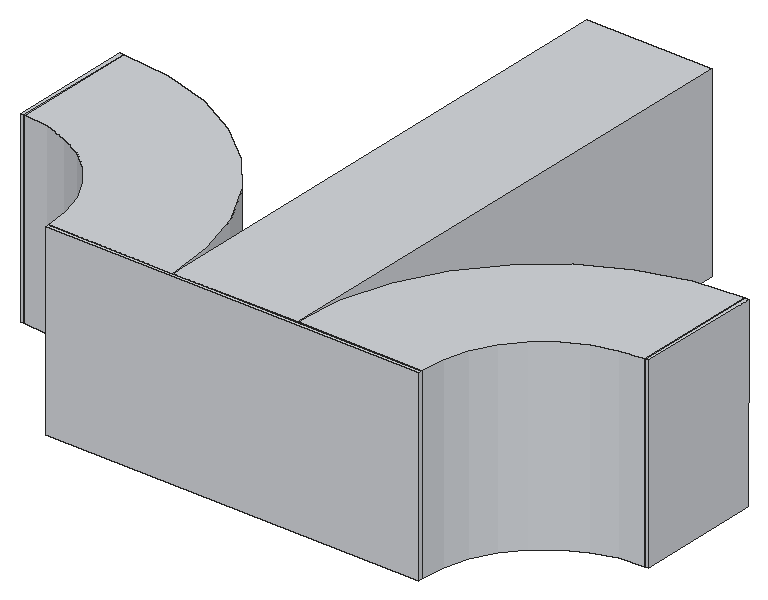
Revit family "5ecffd6cbe62432f8b972bc76a825ab4", category Duct Fittings, Revit 2021
Family settings
  Round Connector Dimension = Use Diameter
  Part Type = Multi Port
  OmniClass Number = 23.75.70.14
  OmniClass Title = Air Ductwork
  Seek Item ID = Rectangular Three-Way Tee - DTL-0000-USA-ENU
  Work Plane-Based = No
  Always vertical = Yes
  Cut with Voids When Loaded = No
  Shared = No
Parameters (values of type "Standard")
  Visibility 2 [instance] = not(Length 13 = 0' 0")  # no
  Visibility 1 [instance] = Length > Length 25  # yes
  Top Change Right [instance] = -(Depth In - Depth Out Right) + Bottom Change Right  # 0"
  Top Change Left [instance] = -(Depth In - Depth Out Left) + Bottom Change Left  # 0"
  Top Offset 1 [instance] = (Depth In - Depth Out Left) / 2 - Top Change Left  # 0"
  Top Offset 2 [instance] = (Depth In - Depth Out Right) / 2 - Top Change Right  # 0"
  Straight Out Right [instance] = 0"
  Straight Out Left [instance] = 0"
  Straight In [instance] = 0"
  Radius Right [instance] = 12"
  Radius Left [instance] = 12"
  Offset Length [instance] = Offset + Width In / 2 - Width Out / 2  # 12"
  Offset [instance] = 0"
  Length 13 [instance] = Offset Length - Width In / 2 + Width Out / 2  # 0"
  Length 7 [instance] = Depth Out Left / 4 + Top Offset 1  # 4 1/2"
  Length 6 [instance] = (Depth In + Depth Out Left + Depth Out Right + abs(Top Offset 1) + abs(Top Offset 2)) / 2  # 27"
  Length 5 [instance] = (Radius Right + Width Out Right / 2)  # 18"
  Length 4 [instance] = (Radius Left + Width Out Left / 2)  # 18"
  Length 3 [instance] = Width In / 2 + Radius Right  # 30"
  Length 27 [instance] = Width Out Left + Width Out Right + Radius Left + Radius Right + Width Out Right + Length 13  # 60"
  Length 26 [instance] = if(Length 13 = 0' 0", 28' 0", 30' 0" - Length 13)  # 336"
  Length 25 [instance] = if(Length 13 > 0' 0", Center Radius 2, Center Radius 1)  # 18"
  Length 24 [instance] = if(Length < Length 25, Length, Length 25)  # 18"
  Length 23 [instance] = if(Center Radius 1 > Center Radius 2, Center Radius 1, Center Radius 2)  # 18"
  Length 22 [instance] = if(Length 13 > 0' 0", if(Length > Center Radius 2, Center Radius 2, 0' 6"), if(Length > Center Radius 1, Center Radius 1, 0' 6"))  # 18"
  Length 20 [instance] = Radius Left + Radius Right + (Width Out Left + Width Out Right)  # 48"
  Length 2 [instance] = Width In / 2 + Radius Left  # 30"
  Length 19 [instance] = 30' 0" - Length 13  # 360"
  Length 18 [instance] = if(Straight In Length 1 = 0' 0", 0' 0 1/128", Straight In Length 1)  # 3/8"
  Length 17 [instance] = if(Straight Out Right Length 1 = 0' 0", 0' 0 1/128", Straight Out Right Length 1)  # 3/8"
  Length 16 [instance] = if(Straight Out Left Length 1 = 0' 0", 0' 0 1/128", Straight Out Left Length 1)  # 3/8"
  Length 15 [instance] = 10' 0" + Top Offset 2  # 120"
  Length 14 [instance] = 10' 0" + Top Offset 1  # 120"
  Length 12 [instance] = (Radius Right + Width Out Right / 2)  # 18"
  Length 11 [instance] = (Radius Left + Width Out Left / 2)  # 18"
  Length 1 [instance] = 30' 0" - (Length 4 + Length 5) / 2  # 342"
  Width Out [instance] = 12"
  Width In [instance] = 36"
  Width Out Right [instance] = 12"
  Width Out Left [instance] = 12"
  Length [instance] = 50"
  Straight In Length 1 [instance] = if(Straight In = 0' 0", 1' 0" / 32, Straight In)  # 3/8"
  Straight Out Right Length 1 [instance] = if(Straight Out Right = 0' 0", 1' 0" / 32, Straight Out Right)  # 3/8"
  Straight Out Left Length 1 [instance] = if(Straight Out Left = 0' 0", 1' 0" / 32, Straight Out Left)  # 3/8"
  Depth In [instance] = 18"
  Depth Out Right [instance] = 18"
  Depth Out Left [instance] = 18"
  Default Elevation = 0' - 0"
  Center Radius 2 [instance] = Radius Right + Width Out Right / 2  # 18"
  Center Radius 1 [instance] = Radius Left + Width Out Left / 2  # 18"
  Bottom Change Right [instance] = 0"
  Bottom Change Left [instance] = 0"
Reference planes (in)
  plane 1 "Center (Front/Back)": y = 0
  plane 2: z = 0
  plane 3 "Center (Left/Right)": x = 0
  plane 4: y = -360
  plane 5: y = -18
  plane 6: x = 30
  plane 7: x = -30
  plane 8: z = 27
  plane 9: z = -27
  plane 10: z = 27
  plane 11: z = -27
  plane 12: y = 0
  plane 13: x = -30
  plane 14: z = 0
  plane 15: x = 30
  plane 16: y = 0
  plane 17: z = 0
  plane 18: z = 27
  plane 19: z = -27
  plane 20: z = -120
  plane 21: y = -18.375
  plane 22: x = 360
  plane 23: x = 0
  plane 24: y = 32
  plane 25: y = 80
  plane 26: y = 0
  plane 27: y = 0
  plane 28: y = 0
  plane 29: y = 0
  plane 30: x = 24
  plane 31: x = -90
  plane 32: x = 90
Forms (in)
  SweptBlend 1, solid, detail levels medium+fine
    path in 3D
      loop
        arc (-12, -18, 0) -> (-17.27208, -5.27208, 0) -> (-30, 0, 0) r 18
    profile "Duct - Rectangular : Duct - Rectangular 4" origin (-12, -18, 0) x (-1, 0, 0) y (0, 0, 1)
      loop
        line (-6, 9) -> (-6, -9) -> (6, -9) -> (6, 9) -> (-6, 9)
    end profile "Duct - Rectangular : Duct - Rectangular 1" origin (-30, 0, 0) x (0, -1, 0) y (0, 0, 1)
      loop
        line (-6, 9) -> (-6, -9) -> (6, -9) -> (6, 9) -> (-6, 9)
  SweptBlend 2, solid, detail levels medium+fine
    path in 3D
      loop
        arc (12, -18, 0) -> (17.27208, -5.27208, 0) -> (30, 0, 0) r 18
    profile "Duct - Rectangular : Duct - Rectangular 5" origin (12, -18, 0) x (-1, 0, 0) y (0, 0, 1)
      loop
        line (-6, 9) -> (-6, -9) -> (6, -9) -> (6, 9) -> (-6, 9)
    end profile "Duct - Rectangular : Duct - Rectangular 2" origin (30, 0, 0) x (0, 1, 0) y (0, 0, 1)
      loop
        line (-6, 9) -> (-6, -9) -> (6, -9) -> (6, 9) -> (-6, 9)
  Extrusion 3, void
    sketch origin (0, 0, 0) x (1, 0, 0) y (0, 1, 0)
      loop
        circle (30, -18) r 12
    from -27 to 27
  Extrusion 4, void
    sketch origin (0, 0, 0) x (1, 0, 0) y (0, 1, 0)
      loop
        circle (-30, -18) r 12
    from -27 to 27
  Extrusion 5, void
    sketch origin (0, 0, 0) x (1, 0, 0) y (0, 1, 0)
      loop
        circle (-30, -18) r 12
    from -27 to 27
  Extrusion 6, void
    sketch origin (0, 0, 0) x (1, 0, 0) y (0, 1, 0)
      loop
        circle (-30, -18) r 12
    from -27 to 27
  Extrusion 7, void
    sketch origin (0, 0, 0) x (1, 0, 0) y (0, 1, 0)
      loop
        circle (30, -18) r 12
    from -27 to 27
  Extrusion 8, void
    sketch origin (0, 0, 0) x (1, 0, 0) y (0, 1, 0)
      loop
        circle (30, -18) r 12
    from -27 to 27
  Sweep 9, solid, detail levels medium+fine
    path in 3D
      loop
        line (-30, 0, 0) -> (-30.375, 0, 0)
    profile "Duct - Rectangular : Duct - Rectangular 1" origin (-30.1875, 0, 0) x (0, -1, 0) y (0, 0, 1)
      loop
        line (-6, 9) -> (-6, -9) -> (6, -9) -> (6, 9) -> (-6, 9)
  Sweep 10, solid, detail levels medium+fine
    path in 3D
      loop
        line (30, 0, 0) -> (30.375, 0, 0)
    profile "Duct - Rectangular : Duct - Rectangular 2" origin (30.1875, 0, 0) x (0, 1, 0) y (0, 0, 1)
      loop
        line (-6, 9) -> (-6, -9) -> (6, -9) -> (6, 9) -> (-6, 9)
  Sweep 11, solid, detail levels medium+fine
    path in 3D
      loop
        line (0, 32, 0) -> (0, -18, 0)
    profile "Duct - Rectangular : Duct - Rectangular 6" origin (0, 7, 0) x (1, 0, 0) y (0, 0, 1)
      loop
        line (-6, 9) -> (-6, -9) -> (6, -9) -> (6, 9) -> (-6, 9)
  Sweep 12, solid, detail levels medium+fine
    path in 3D
      loop
        line (0, -18, 0) -> (0, -18.375, 0)
    profile "Duct - Rectangular : Duct - Rectangular 3" origin (0, -18.1875, 0) x (1, 0, 0) y (0, 0, 1)
      loop
        line (-18, 9) -> (-18, -9) -> (18, -9) -> (18, 9) -> (-18, 9)
  Sweep 13, void
    path in 3D
      loop
        line (0, 80, 0) -> (0, 32, 0)
    profile "Duct - Rectangular : Duct - Rectangular 6" origin (0, 56, 0) x (1, 0, 0) y (0, 0, 1)
      loop
        line (-6, 9) -> (-6, -9) -> (6, -9) -> (6, 9) -> (-6, 9)
  Extrusion 14, void
    sketch origin (0, 0, 0) x (1, 0, 0) y (0, 1, 0)
      loop
        line (30, -6) -> (30, -30) -> (90, -30) -> (90, -6) -> (30, -6)
    from -27 to 27
  Extrusion 15, void
    sketch origin (0, 0, 0) x (1, 0, 0) y (0, 1, 0)
      loop
        line (30, -6) -> (30, -30) -> (90, -30) -> (90, -6) -> (30, -6)
    from -27 to 27
  Extrusion 16, void
    sketch origin (0, 0, 0) x (1, 0, 0) y (0, 1, 0)
      loop
        line (30, -6) -> (30, -30) -> (90, -30) -> (90, -6) -> (30, -6)
    from -27 to 27
  Extrusion 17, void
    sketch origin (0, 0, 0) x (1, 0, 0) y (0, 1, 0)
      loop
        line (-90, -6) -> (-90, -30) -> (-30, -30) -> (-30, -6) -> (-90, -6)
    from -27 to 27
  Extrusion 18, void
    sketch origin (0, 0, 0) x (1, 0, 0) y (0, 1, 0)
      loop
        line (-90, -6) -> (-90, -30) -> (-30, -30) -> (-30, -6) -> (-90, -6)
    from -27 to 27
  Extrusion 19, void
    sketch origin (0, 0, 0) x (1, 0, 0) y (0, 1, 0)
      loop
        line (-90, -6) -> (-90, -30) -> (-30, -30) -> (-30, -6) -> (-90, -6)
    from -27 to 27
Cuts and joins
  Extrusion 3, Sweep 13, Extrusion 15, Extrusion 18 cuts SweptBlend 1
  Extrusion 4, Sweep 13 cuts SweptBlend 2
  Extrusion 3, Extrusion 4, Extrusion 15, Extrusion 18 cuts Sweep 11
Lines and regions (in)
  model lines, not visible
    curve 1: arc (-12, -18, 0) -> (-17.27208, -5.27208, 0) -> (-30, 0, 0) r 18
    curve 2: arc (12, -18, 0) -> (17.27208, -5.27208, 0) -> (30, 0, 0) r 18
  sketch lines
    curve 3: arc (-12, -18, 0) -> (-17.27208, -5.27208, 0) -> (-30, 0, 0) r 18
    curve 4: arc (12, -18, 0) -> (17.27208, -5.27208, 0) -> (30, 0, 0) r 18
    curve 6: line (-30, 0, 0) -> (-30.375, 0, 0)
    curve 8: line (30, 0, 0) -> (30.375, 0, 0)
    curve 11: line (0, -18, 0) -> (0, -18.375, 0)
    curve 17: line (0, 80, 0) -> (0, 32, 0)
    curve 19: line (0, 32, 0) -> (0, -18, 0)
  model lines, detail levels coarse
    curve 5: line (-30, 0, 0) -> (-30.375, 0, 0)
    curve 7: line (30, 0, 0) -> (30.375, 0, 0)
    curve 10: line (0, -18, 0) -> (0, -18.375, 0)
    curve 12: line (0, 0, 0) -> (-30, 0, 0)
    curve 13: line (0, 0, 0) -> (30, 0, 0)
    curve 15: line (0, 0, 0) -> (0, -18, 0)
    curve 16: line (0, 0, 0) -> (0, -18, 0)
  reference lines
    curve 9: line (0, 80, 0) -> (0, 32, 0)
    curve 18: line (0, 32, 0) -> (0, -18, 0)
  model lines, visible <- "Visibility 1", detail levels coarse
    curve 14: line (0, 32, 0) -> (0, 0, 0)
  model lines, visible <- "Visibility 2", detail levels coarse
    curve 20: line (0, 0, 0) -> (24, 0, 0)
Dimensions and locks (in)
  locked: plane 4 to plane 1 "Center (Front/Back)" at 360
  "Length 1": plane 5 to plane 4
  "Length 2": plane 7 to plane 3 "Center (Left/Right)"
  "Length 3": plane 3 "Center (Left/Right)" to plane 6
  equal spacing: plane 8, plane 2, plane 9
  "Length 6": plane 8 to plane 2
  equal spacing: plane 10, plane 2, plane 11
  "Length 6": plane 10 to plane 2
  locked: plane 7 to plane 13
  "Length 11": plane 12 to plane 5
  "Length 12": plane 16 to plane 5
  locked: plane 15 to plane 6
  equal spacing: plane 18, plane 2, plane 19
  "Length 6": plane 18 to plane 2
  locked: plane 2 to plane 20 at 120
  "Length 14": plane 14 to plane 20
  "Length 15": plane 17 to plane 20
  "Length 18": plane 5 to plane 21
  "Length 16": curve 5 to curve 5
  "Length 17": curve 7 to curve 7
  locked: plane 22 to plane 3 "Center (Left/Right)" at 360
  "Length 19": plane 23 to plane 22
  "Length": plane 24 to plane 5
  "Length 20": plane 25 to plane 24
  "Center Radius 1": plane 26 to plane 5
  "Center Radius 2": plane 27 to plane 5
  "Length 22": plane 28 to plane 5
  "Length 24": plane 29 to plane 5
  "Length 26": plane 30 to plane 22
  "Length 24": plane 5 to curve 20
  equal spacing: Extrusion 14 sketch curve, plane 5, Extrusion 14 sketch curve
  "Length 27": plane 31 to plane 7
  "Length 27": plane 6 to plane 32
  equal spacing: Extrusion 15 sketch curve, plane 5, Extrusion 15 sketch curve
  "Radius Right": plane 5 to Extrusion 15 sketch curve
  equal spacing: Extrusion 16 sketch curve, plane 5, Extrusion 16 sketch curve
  equal spacing: Extrusion 17 sketch curve, plane 5, Extrusion 17 sketch curve
  equal spacing: Extrusion 18 sketch curve, plane 5, Extrusion 18 sketch curve
  "Radius Left": plane 5 to Extrusion 18 sketch curve
  equal spacing: Extrusion 19 sketch curve, plane 5, Extrusion 19 sketch curve
  "Center Radius 1": radius of curve 1
  "Center Radius 2": radius of curve 2
  "Radius Right": radius of Extrusion 3 sketch curve
  "Radius Left": radius of Extrusion 4 sketch curve
  locked: curve 1 to curve 1 (angle 90.00°)
  locked: curve 2 to curve 2 (angle 90.00°)
  locked: plane 13 to curve 5 (angle 90.00°)
  locked: curve 7 to plane 15 (angle 90.00°)
  aligned and locked: plane 7 to curve 1
  aligned and locked: plane 5 to curve 1  (x2)
  aligned and locked: plane 6 to curve 2
  aligned and locked: plane 5 to curve 2  (x2)
  aligned and locked: plane 6 to Extrusion 3 sketch curve
  aligned and locked: plane 5 to Extrusion 3 sketch curve
  aligned and locked: plane 8 to Extrusion 3
  aligned and locked: Extrusion 3 to plane 9
  aligned and locked: plane 7 to Extrusion 4 sketch curve
  aligned and locked: plane 5 to Extrusion 4 sketch curve
  aligned and locked: Extrusion 4 to plane 10
  aligned and locked: plane 11 to Extrusion 4
  aligned and locked: plane 7 to Extrusion 5 sketch curve
  aligned and locked: plane 5 to Extrusion 5 sketch curve
  aligned and locked: plane 7 to Extrusion 6 sketch curve
  aligned and locked: plane 5 to Extrusion 6 sketch curve
  aligned and locked: plane 18 to Extrusion 5
  aligned and locked: Extrusion 5 to plane 19
  aligned and locked: Extrusion 6 to plane 19
  aligned and locked: plane 18 to Extrusion 6
  aligned and locked: plane 6 to Extrusion 7 sketch curve
  aligned and locked: plane 5 to Extrusion 7 sketch curve
  aligned and locked: plane 18 to Extrusion 7
  aligned and locked: Extrusion 7 to plane 19
  aligned and locked: plane 6 to Extrusion 8 sketch curve
  aligned and locked: plane 5 to Extrusion 8 sketch curve
  aligned and locked: plane 18 to Extrusion 8
  aligned and locked: Extrusion 8 to plane 19
  aligned and locked: plane 13 to curve 12
  aligned and locked: plane 14 to curve 12
  aligned and locked: plane 3 "Center (Left/Right)" to curve 12
  aligned and locked: plane 2 to curve 12
  aligned and locked: plane 17 to curve 13
  aligned and locked: plane 15 to curve 13
  aligned and locked: plane 3 "Center (Left/Right)" to curve 13
  aligned and locked: plane 2 to curve 13
  aligned and locked: plane 5 to curve 15
  aligned and locked: curve 15 to plane 3 "Center (Left/Right)"
  aligned and locked: plane 27 to curve 16
  aligned and locked: curve 16 to plane 3 "Center (Left/Right)"
  aligned and locked: curve 14 to plane 23
  aligned and locked: plane 28 to curve 14
  aligned and locked: curve 15 to plane 26
  aligned and locked: plane 24 to curve 18
  aligned and locked: plane 5 to curve 18
  aligned and locked: curve 18 to plane 23
  aligned and locked: curve 20 to plane 30
  aligned and locked: plane 3 "Center (Left/Right)" to curve 20
  aligned and locked: plane 6 to Extrusion 14 sketch curve
  aligned and locked: plane 18 to Extrusion 14
  aligned and locked: Extrusion 14 to plane 19
  aligned and locked: Extrusion 14 sketch curve to plane 32
  aligned and locked: plane 6 to Extrusion 15 sketch curve
  aligned and locked: Extrusion 15 sketch curve to plane 32
  aligned and locked: plane 18 to Extrusion 15
  aligned and locked: Extrusion 15 to plane 19
  aligned and locked: plane 6 to Extrusion 16 sketch curve
  aligned and locked: Extrusion 16 sketch curve to plane 32
  aligned and locked: plane 18 to Extrusion 16
  aligned and locked: Extrusion 16 to plane 19
  aligned and locked: plane 31 to Extrusion 17 sketch curve
  aligned and locked: Extrusion 17 sketch curve to plane 13
  aligned and locked: plane 18 to Extrusion 17
  aligned and locked: Extrusion 17 to plane 19
  aligned and locked: plane 31 to Extrusion 18 sketch curve
  aligned and locked: Extrusion 18 sketch curve to plane 7
  aligned and locked: plane 18 to Extrusion 18
  aligned and locked: Extrusion 18 to plane 19
  aligned and locked: plane 31 to Extrusion 19 sketch curve
  aligned and locked: Extrusion 19 sketch curve to plane 7
  aligned and locked: plane 18 to Extrusion 19
  aligned and locked: Extrusion 19 to plane 19
Automatic sketch dimensions
  curve 5 to plane 12 = 0' - 0"
  curve 5 to plane 13 = 0' - 0"
  curve 7 to plane 16 = 0' - 0"
  curve 7 to plane 6 = 0' - 0"
  curve 9 to plane 25 = 0' - 0"
  curve 10 to plane 21 = 0' - 0"
  curve 14 to plane 24 = 0' - 0"
  Extrusion 14 sketch curve to plane 21 = 0' - 11 5/8"
  Extrusion 16 sketch curve to plane 21 = 0' - 11 5/8"
  Extrusion 17 sketch curve to plane 21 = 0' - 11 5/8"
  Extrusion 19 sketch curve to plane 21 = 0' - 11 5/8"
  radius of Extrusion 5 sketch curve = 1' - 0"
  radius of Extrusion 6 sketch curve = 1' - 0"
  radius of Extrusion 7 sketch curve = 1' - 0"
  radius of Extrusion 8 sketch curve = 1' - 0"
Connectors (in)
  hvac at (-30.375, 0, 0), driven by "Depth Out Left", driven by "Width Out Left"
    settings: on Sweep 9, index 1, duct flow 0 CFM, flow factor 0, pres drop 0.00 in-wg, loss coef 0, conn angle 0.00°, conn width 12", conn height 18", conn diameter 24", duct sys type 28, conn prof type 1, flow config 0, flow direction 0, loss method 0, conn ref index 2, conn util no, is conn primary yes, conn desc ""
  hvac at (30.375, 0, 0), driven by "Depth Out Right", driven by "Width Out Right"
    settings: on Sweep 10, index 2, duct flow 0 CFM, flow factor 0, pres drop 0.00 in-wg, loss coef 0, conn angle 0.00°, conn width 12", conn height 18", conn diameter 24", duct sys type 28, conn prof type 1, flow config 0, flow direction 0, loss method 0, conn ref index 1, conn util no, is conn primary no, conn desc ""
  hvac at (0, -18.375, 0), driven by "Depth In", driven by "Width In"
    settings: on Sweep 12, index 3, duct flow 0 CFM, flow factor 0, pres drop 0.00 in-wg, loss coef 0, conn angle 0.00°, conn width 36", conn height 18", conn diameter 24", duct sys type 28, conn prof type 1, flow config 0, flow direction 0, loss method 0, conn ref index 4, conn util no, is conn primary no, conn desc ""
  hvac at (0, 32, 0), driven by "Depth In", driven by "Width Out"
    settings: on Sweep 11, index 4, duct flow 0 CFM, flow factor 0, pres drop 0.00 in-wg, loss coef 0, conn angle 0.00°, conn width 12", conn height 18", conn diameter 24", duct sys type 28, conn prof type 1, flow config 0, flow direction 0, loss method 0, conn ref index 3, conn util no, is conn primary no, conn desc ""
